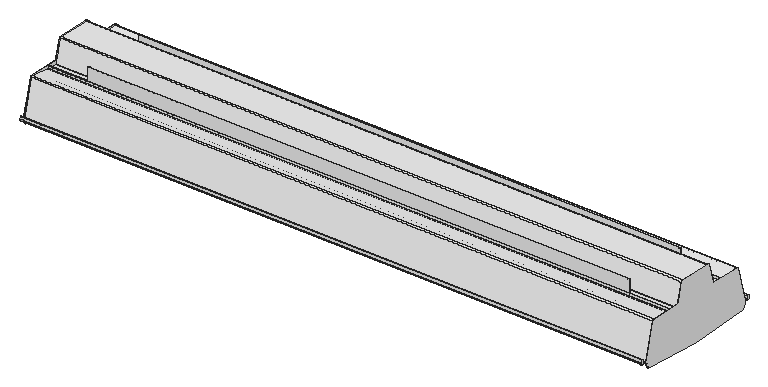
Revit family "LHBD-L05P77", category Lighting Fixtures, host Ceiling, Revit 2019
Family settings
  Host = Ceiling
  Round Connector Dimension = Use Diameter
  Part Type = Normal
  OmniClass Number = 23.80.70.11.14.11
  OmniClass Title = Downlights
  Always vertical = Yes
  Cut with Voids When Loaded = No
  Light Source = Yes
  Shared = No
  Room Calculation Point = No
Parameters (values of type "LHBD48-LED840K080LUNV-L05P77")
  Width = 0' - 9 13/16"
  Wattage = 52 W
  built-in parameter 1150110 = 1 (stored number, unit not read)
  Voltage = 120 V  # constant formula
  URL = "https://www.viscor.com/en/products/lhbd"
  built-in parameter 1114217 = 0.9 (stored number, unit not read)
  Tilt Angle = 90.00°
  built-in parameter 1150109 = 1 (stored number, unit not read)
  built-in parameter 1150134 = 12
  built-in parameter 1150113 = 1 (stored number, unit not read)
  Photometric Web File = "LHBD48-LED840K080LUNV-L05P77-G001987.IES"
  Model = "LHBD"  # constant formula
  Manufacturer = "VISIONEERING by VISCOR"  # constant formula
  Lumens = 6344 lm
  built-in parameter 1150115 = 1 (stored number, unit not read)
  built-in parameter 1150105 = 504.84 (stored number, unit not read)
  Louver Finish = Metal - Viscor - White Gloss F06
  built-in parameter 1150137 = (empty or 0)
  built-in parameter 1150139 = (empty or 0)
  Lens Finish = Acrylic - Viscor - Frosted, Impact Round Extruded
  Length = 3' - 10 1/16"
  Lamp Wattage = 52 VA
  built-in parameter 1150112 = 1 (stored number, unit not read)
  built-in parameter 1150114 = 1 (stored number, unit not read)
  Lamp = "LED"  # constant formula
  built-in parameter 1150132 = (empty or 0)
  built-in parameter 1150102 = (empty or 0)
  built-in parameter 1150138 = (empty or 0)
  built-in parameter 1150107 = 4000 (stored number, unit not read)
  built-in parameter 1150106 = 5.0484 (stored number, unit not read)
  Housing Finish = Metal - Viscor - White
  Height = 0' - 4 11/16"
  Emit from Rectangle Width = Width  # 0' - 9 13/16"
  Emit from Rectangle Length = Length  # 3' - 10 1/16"
  Emit Shape Visible in Rendering = no
  built-in parameter 1150104 = 11.334 (stored number, unit not read)
  Dimming Lamp Color Temperature Shift = <None>
  Description = "LED Pendant Mount High Bay D"  # constant formula
  Color Filter = 16777215
  built-in parameter 1114218 = 1 (stored number, unit not read)
  built-in parameter 1150133 = 10 (stored number, unit not read)
  Assembly Code = "D5020200"
  Apparent Load = Lamp Wattage  # 52 VA
Types (5): name | Wattage | Photometric Web File | Lumens | built-in parameter 1150105 | Length | Lamp Wattage | built-in parameter 1150106 | Emit from Rectangle Length | built-in parameter 1150104 | Apparent Load
  (no name) | 52 W | "LHBD48-LED840K080LUNV-L05P77-G001987.IES" | 6344 lm | 504.84 (stored number, unit not read) | 3' - 10 1/16" | 52 VA | 5.0484 (stored number, unit not read) | 3' - 10 1/16" | 11.334 (stored number, unit not read) | 52 VA
  LHBD48-LED840K080LUNV-L05P77 | 52 W | "LHBD48-LED840K080LUNV-L05P77-G001987.IES" | 6344 lm | 504.84 (stored number, unit not read) | 3' - 10 1/16" | 52 VA | 5.0484 (stored number, unit not read) | 3' - 10 1/16" | 11.334 (stored number, unit not read) | 52 VA
  LHBD48-LED840K120LUNV-L05P77 | 87 W | "LHBD48-LED840K120LUNV-L05P77-G001985.IES" | 9744 lm | 775.4 (stored number, unit not read) | 3' - 10 1/16" | 87 VA | 7.754 (stored number, unit not read) | 3' - 10 1/16" | 10.405 (stored number, unit not read) | 87 VA
  LHBD96-LED840K160LUNV-L05P77 | 104 W | "LHBD96-LED840K160LUNV-L05P77.ies" | 12792 lm | 1018 (stored number, unit not read) | 7' - 8 1/16" | 104 VA | 10.18 (stored number, unit not read) | 7' - 8 1/16" | 11.427 (stored number, unit not read) | 104 VA
  LHBD96-LED840K240LUNV-L05P77 | 173 W | "LHBD96-LED840K240LUNV-L05P77.ies" | 19376 lm | 1541.9 (stored number, unit not read) | 7' - 8 1/16" | 173 VA | 15.419 (stored number, unit not read) | 7' - 8 1/16" | 10.405 (stored number, unit not read) | 173 VA
Reference planes (in)
  plane 1 "Light Source Axis (F/B)": y = 0
  plane 2 "Ceiling": z = 240
  plane 3 "Light Source Axis (L/R)": x = 0
  plane 4 "Light Source Elevation": z = 235.375
  plane 5: x = -23.03125
  plane 6: x = 23.03125
  plane 7: y = 4.90625
  plane 8: y = -4.90625
  plane 9: x = -23.00125
  plane 10: x = 23.00125
  plane 11: x = -20.03125
  plane 12: x = 20.03125
  plane 13: x = -22.48325
  plane 14: x = 22.48325
Forms (in)
  Extrusion 1, solid, material "Metal - Viscor - White" <- "Housing Finish"
    sketch origin (0, 0, 0) x (0, 1, 0) y (0, 0, 1)
      loop
        arc (-4.906, 236.068) -> (-4.88491, 236.01709) -> (-4.834, 235.996) r 0.072
        line (-4.834, 235.996) -> (-4.58671, 235.996)
        arc (-4.58671, 235.996) -> (-4.54265, 236.01106) -> (-4.51702, 236.04993) r 0.072
        line (-4.51702, 236.04993) -> (-3.88336, 238.49342)
        arc (-3.88336, 238.49342) -> (-3.86796, 238.51559) -> (-3.84185, 238.52244) r 0.039
        line (-3.84185, 238.52244) -> (-1.70161, 238.31493)
        arc (-1.70161, 238.31493) -> (-1.6534, 238.32759) -> (-1.62496, 238.36852) r 0.072
        line (-1.62496, 238.36852) -> (-1.22657, 239.90479)
        arc (-1.22657, 239.90479) -> (-1.21269, 239.92584) -> (-1.18882, 239.934) r 0.039
        line (-1.18882, 239.934) -> (1.18882, 239.934)
        arc (1.18882, 239.934) -> (1.21269, 239.92584) -> (1.22657, 239.90479) r 0.039
        line (1.22657, 239.90479) -> (1.62496, 238.36852)
        arc (1.62496, 238.36852) -> (1.6534, 238.32759) -> (1.70161, 238.31493) r 0.072
        line (1.70161, 238.31493) -> (3.84185, 238.52244)
        arc (3.84185, 238.52244) -> (3.86796, 238.51559) -> (3.88336, 238.49342) r 0.039
        line (3.88336, 238.49342) -> (4.51702, 236.04993)
        arc (4.51702, 236.04993) -> (4.54265, 236.01106) -> (4.58671, 235.996) r 0.072
        line (4.58671, 235.996) -> (4.834, 235.996)
        arc (4.834, 235.996) -> (4.88491, 236.01709) -> (4.906, 236.068) r 0.072
        line (4.906, 236.068) -> (4.906, 236.298) -> (4.87475, 236.298) -> (4.87475, 236.068)
        arc (4.87475, 236.068) -> (4.86281, 236.03919) -> (4.834, 236.02725) r 0.04075
        line (4.834, 236.02725) -> (4.58671, 236.02725)
        arc (4.58671, 236.02725) -> (4.56177, 236.03577) -> (4.54727, 236.05777) r 0.04075
        line (4.54727, 236.05777) -> (3.91361, 238.50126)
        arc (3.91361, 238.50126) -> (3.88587, 238.5412) -> (3.83883, 238.55355) r 0.07025
        line (3.83883, 238.55355) -> (1.69859, 238.34604)
        arc (1.69859, 238.34604) -> (1.67131, 238.3532) -> (1.65521, 238.37637) r 0.04075
        line (1.65521, 238.37637) -> (1.25682, 239.91263)
        arc (1.25682, 239.91263) -> (1.23181, 239.95056) -> (1.18882, 239.96525) r 0.07025
        line (1.18882, 239.96525) -> (-1.18882, 239.96525)
        arc (-1.18882, 239.96525) -> (-1.23181, 239.95056) -> (-1.25682, 239.91263) r 0.07025
        line (-1.25682, 239.91263) -> (-1.65521, 238.37637)
        arc (-1.65521, 238.37637) -> (-1.67131, 238.3532) -> (-1.69859, 238.34604) r 0.04075
        line (-1.69859, 238.34604) -> (-3.83883, 238.55355)
        arc (-3.83883, 238.55355) -> (-3.88587, 238.5412) -> (-3.91361, 238.50126) r 0.07025
        line (-3.91361, 238.50126) -> (-4.54727, 236.05777)
        arc (-4.54727, 236.05777) -> (-4.56177, 236.03577) -> (-4.58671, 236.02725) r 0.04075
        line (-4.58671, 236.02725) -> (-4.834, 236.02725)
        arc (-4.834, 236.02725) -> (-4.86281, 236.03919) -> (-4.87475, 236.068) r 0.04075
        line (-4.87475, 236.068) -> (-4.87475, 236.298) -> (-4.906, 236.298) -> (-4.906, 236.068)
    from -23.00125 to 23.00125
  Extrusion 2, solid, material "Metal - Viscor - White" <- "Housing Finish"
    sketch origin (0, 0, 0) x (0, 1, 0) y (0, 0, 1)
      loop
        line (4.52143, 236.17574) -> (3.9025, 238.569) -> (1.608, 238.569) -> (1.57671, 238.69002) -> (1.2465, 239.967) -> (-1.2465, 239.967) -> (-1.57671, 238.69002) -> (-1.608, 238.569) -> (-3.9025, 238.569) -> (-3.93276, 238.45198) -> (-4.52143, 236.17574) -> (-4.5685, 235.99372)
        arc (-4.5685, 235.99372) -> (-4.51625, 235.77119) -> (-4.37042, 235.59517) r 0.5
        arc (-4.37042, 235.59517) -> (0, 235.342) -> (4.37042, 235.59517) r 37.8495
        arc (4.37042, 235.59517) -> (4.51625, 235.77119) -> (4.5685, 235.99372) r 0.5
        line (4.5685, 235.99372) -> (4.52143, 236.17574)
    from -23.03125 to -23.00125
  Extrusion 3, solid, material "Metal - Viscor - White" <- "Housing Finish"
    sketch origin (0, 0, 0) x (0, 1, 0) y (0, 0, -1)
      loop
        line (4.52143, -236.17574) -> (4.5685, -235.99372)
        arc (4.5685, -235.99372) -> (4.51625, -235.77119) -> (4.37042, -235.59517) r 0.5
        arc (4.37042, -235.59517) -> (0, -235.342) -> (-4.37042, -235.59517) r 37.8495
        arc (-4.37042, -235.59517) -> (-4.51625, -235.77119) -> (-4.5685, -235.99372) r 0.5
        line (-4.5685, -235.99372) -> (-4.52143, -236.17574) -> (-3.93276, -238.45198) -> (-3.9025, -238.569) -> (-1.608, -238.569) -> (-1.57671, -238.69002) -> (-1.2465, -239.967) -> (1.2465, -239.967) -> (1.57671, -238.69002) -> (1.608, -238.569) -> (3.9025, -238.569) -> (4.52143, -236.17574)
    from -23.03125 to -23.00125
  Extrusion 4, solid, material "Metal - Viscor - White" <- "Housing Finish"
    sketch origin (0, 0, 0) x (0, 1, 0) y (0, 0, 1)
      loop
        line (2.375, 238.36518) -> (2.375, 238.569) -> (2.34375, 238.569) -> (2.34375, 238.36518)
        arc (2.34375, 238.36518) -> (2.33394, 238.3398) -> (2.30962, 238.3276) r 0.03775
        line (2.30962, 238.3276) -> (0.6235, 238.16525) -> (-0.6235, 238.16525) -> (-2.30962, 238.3276)
        arc (-2.30962, 238.3276) -> (-2.33394, 238.3398) -> (-2.34375, 238.36518) r 0.03775
        line (-2.34375, 238.36518) -> (-2.34375, 238.569) -> (-2.375, 238.569) -> (-2.375, 238.36518)
        arc (-2.375, 238.36518) -> (-2.35708, 238.31879) -> (-2.31261, 238.2965) r 0.069
        line (-2.31261, 238.2965) -> (-0.625, 238.134) -> (0.625, 238.134) -> (2.31261, 238.2965)
        arc (2.31261, 238.2965) -> (2.35708, 238.31879) -> (2.375, 238.36518) r 0.069
    from -23.00125 to 23.00125
  Extrusion 5, solid, material "Metal - Viscor - White" <- "Housing Finish"
    sketch origin (0, 0, 0) x (0, 1, 0) y (0, 0, 1)
      loop
        line (-2.375, 238.569) -> (-2.34375, 238.569) -> (-2.34375, 239.53451) -> (-2.375, 239.53451) -> (-2.375, 238.569)
    from -20.03125 to 20.03125
  Extrusion 6, solid, material "Metal - Viscor - White" <- "Housing Finish"
    sketch origin (0, 0, 0) x (0, -1, 0) y (0, 0, -1)
      loop
        line (-2.375, -238.569) -> (-2.375, -239.53451) -> (-2.34375, -239.53451) -> (-2.34375, -238.569) -> (-2.375, -238.569)
    from -20.03125 to 20.03125
  Extrusion 7, solid, material "Acrylic - Viscor - Frosted, Impact Round Extruded" <- "Lens Finish"
    sketch origin (0, 0, 0) x (0, 1, 0) y (0, 0, 1)
      loop
        line (2.5625, 238.316) -> (2.719, 238.316) -> (2.719, 238.396) -> (2.5625, 238.396)
        arc (2.5625, 238.396) -> (2.50593, 238.37257) -> (2.4825, 238.316) r 0.08
        line (2.4825, 238.316) -> (2.4825, 238.166)
        arc (2.4825, 238.166) -> (2.50593, 238.10943) -> (2.5625, 238.086) r 0.08
        line (2.5625, 238.086) -> (2.60093, 238.086)
        arc (2.60093, 238.086) -> (0, 236.776) -> (-2.60093, 238.086) r 3.237
        line (-2.60093, 238.086) -> (-2.5625, 238.086)
        arc (-2.5625, 238.086) -> (-2.50593, 238.10943) -> (-2.4825, 238.166) r 0.08
        line (-2.4825, 238.166) -> (-2.4825, 238.316)
        arc (-2.4825, 238.316) -> (-2.50593, 238.37257) -> (-2.5625, 238.396) r 0.08
        line (-2.5625, 238.396) -> (-2.719, 238.396) -> (-2.719, 238.316) -> (-2.5625, 238.316) -> (-2.5625, 238.166) -> (-2.67911, 238.166)
        arc (-2.67911, 238.166) -> (-2.71461, 238.14442) -> (-2.71181, 238.10297) r 0.04
        arc (-2.71181, 238.10297) -> (0, 236.69605) -> (2.71181, 238.10297) r 3.31695
        arc (2.71181, 238.10297) -> (2.71461, 238.14442) -> (2.67911, 238.166) r 0.04
        line (2.67911, 238.166) -> (2.5625, 238.166) -> (2.5625, 238.316)
    from -22.48325 to 22.48325
Dimensions and locks (in)
  equal spacing: host sketch curve, plane 3 "Light Source Axis (L/R)", host sketch curve
  equal spacing: host sketch curve, plane 1 "Light Source Axis (F/B)", host sketch curve
  host sketch curve to host sketch curve = 10' - 0"  (x2)
  equal spacing: plane 5, plane 3 "Light Source Axis (L/R)", plane 6
  "Length": plane 5 to plane 6
  equal spacing: plane 7, plane 1 "Light Source Axis (F/B)", plane 8
  "Width": plane 7 to plane 8
  locked: plane 5 to plane 9 at 0.03
  locked: plane 10 to plane 6 at 0.03
  locked: plane 5 to plane 11 at 3
  locked: plane 12 to plane 6 at 3
  locked: plane 5 to plane 13 at 0.548
  locked: plane 14 to plane 6 at 0.548
  aligned and locked: plane 3 "Light Source Axis (L/R)" to imposter light
  aligned and locked: imposter light to plane 1 "Light Source Axis (F/B)"
  aligned and locked: plane 4 "Light Source Elevation" to imposter light
  aligned and locked: Extrusion 1 to plane 9
  aligned and locked: plane 10 to Extrusion 1
  aligned and locked: Extrusion 2 to plane 5
  aligned and locked: plane 9 to Extrusion 2
  aligned and locked: plane 6 to Extrusion 3
  aligned and locked: Extrusion 3 to plane 10
  aligned and locked: Extrusion 4 to plane 9
  aligned and locked: plane 10 to Extrusion 4
  aligned and locked: Extrusion 5 to plane 11
  aligned and locked: plane 12 to Extrusion 5
  aligned and locked: Extrusion 6 to plane 11
  aligned and locked: plane 12 to Extrusion 6
  aligned and locked: Extrusion 7 to plane 13
  aligned and locked: plane 14 to Extrusion 7
Automatic sketch dimensions
  Extrusion 1 sketch curve to Extrusion 1 sketch curve = 0' - 0"  (x20)
  plane 8 to Extrusion 1 sketch curve = 0' - 0.00025"
  Extrusion 1 sketch curve to Extrusion 1 sketch curve = 0' - 0 1/32"
  Extrusion 1 sketch curve to Extrusion 1 sketch curve = 0' - 0.04075"  (x3)
  Extrusion 1 sketch curve to Extrusion 1 sketch curve = 0' - 0.24729"
  Extrusion 1 sketch curve to Extrusion 1 sketch curve = 0' - 0.03945"  (x4)
  Extrusion 1 sketch curve to Extrusion 1 sketch curve = 0' - 0.03025"  (x7)
  plane 8 to Extrusion 1 sketch curve = 0' - 0.99264"
  Extrusion 1 sketch curve to Extrusion 1 sketch curve = 0' - 0.03775"  (x4)
  Extrusion 1 sketch curve to Extrusion 1 sketch curve = 0' - 0.00376"  (x2)
  Extrusion 1 sketch curve to Extrusion 1 sketch curve = 0' - 0.00302"  (x4)
  plane 1 "Light Source Axis (F/B)" to Extrusion 1 sketch curve = 0' - 1.70161"
  Extrusion 1 sketch curve to Extrusion 1 sketch curve = 0' - 0.00393"  (x2)
  Extrusion 1 sketch curve to plane 2 "Ceiling" = 0' - 0.08737"  (x2)
  plane 1 "Light Source Axis (F/B)" to Extrusion 1 sketch curve = 0' - 1.25682"
  Extrusion 1 sketch curve to plane 2 "Ceiling" = 0' - 0.09521"  (x2)
  Extrusion 1 sketch curve to plane 2 "Ceiling" = 0' - 0.066"
  Extrusion 1 sketch curve to plane 1 "Light Source Axis (F/B)" = 0' - 1.18882"
  Extrusion 1 sketch curve to Extrusion 1 sketch curve = 0' - 0.39839"
  Extrusion 1 sketch curve to plane 7 = 0' - 1.06742"
  Extrusion 1 sketch curve to plane 7 = 0' - 0.38923"
  Extrusion 1 sketch curve to plane 7 = 0' - 0.07225"
  Extrusion 1 sketch curve to plane 7 = 0' - 0.0315"
  Extrusion 1 sketch curve to plane 7 = 0' - 0.00025"
  Extrusion 1 sketch curve to plane 2 "Ceiling" = 0' - 1.44645"  (x2)
  Extrusion 1 sketch curve to Extrusion 1 sketch curve = 0' - 0.0311"  (x2)
  Extrusion 1 sketch curve to Extrusion 1 sketch curve = 0' - 0.02118"  (x2)
  Extrusion 1 sketch curve to Extrusion 1 sketch curve = 0' - 1.52604"  (x2)
  Extrusion 1 sketch curve to Extrusion 1 sketch curve = 0' - 0.01023"  (x2)
  Extrusion 1 sketch curve to Extrusion 1 sketch curve = 0' - 0.00784"  (x2)
  Extrusion 1 sketch curve to plane 4 "Light Source Elevation" = 0' - 0.923"  (x2)
  Extrusion 1 sketch curve to Extrusion 1 sketch curve = 0' - 0.23"  (x2)
  Extrusion 2 sketch curve to plane 1 "Light Source Axis (F/B)" = 0' - 0"
  Extrusion 2 sketch curve to plane 2 "Ceiling" = 0' - 0.033"
  plane 1 "Light Source Axis (F/B)" to Extrusion 2 sketch curve = 0' - 1.2465"
  Extrusion 2 sketch curve to Extrusion 2 sketch curve = 0' - 0.33021"  (x2)
  Extrusion 2 sketch curve to Extrusion 2 sketch curve = 0' - 0.03129"  (x2)
  plane 8 to Extrusion 2 sketch curve = 0' - 1.00375"
  Extrusion 2 sketch curve to Extrusion 2 sketch curve = 0' - 0.03026"
  plane 8 to Extrusion 2 sketch curve = 0' - 0.83775"
  plane 8 to Extrusion 2 sketch curve = 0' - 0.38482"
  Extrusion 2 sketch curve to Extrusion 2 sketch curve = 0' - 0.04707"  (x2)
  Extrusion 2 sketch curve to plane 1 "Light Source Axis (F/B)" = 0' - 1.2465"
  Extrusion 2 sketch curve to plane 7 = 0' - 1.00375"
  Extrusion 2 sketch curve to plane 7 = 0' - 0.83775"
  Extrusion 2 sketch curve to plane 7 = 0' - 0.38482"
  Extrusion 2 sketch curve to plane 2 "Ceiling" = 0' - 1.30998"  (x2)
  Extrusion 2 sketch curve to Extrusion 2 sketch curve = 0' - 0.12102"  (x2)
  Extrusion 2 sketch curve to Extrusion 2 sketch curve = 0' - 0.11702"
  Extrusion 2 sketch curve to plane 4 "Light Source Elevation" = 0' - 0.80074"  (x2)
  Extrusion 2 sketch curve to Extrusion 2 sketch curve = 0' - 0.18201"  (x2)
  plane 2 "Ceiling" to Extrusion 2 sketch curve = 2' - 9.1915"
  Extrusion 2 sketch curve to plane 4 "Light Source Elevation" = 0' - 0.22017"
  Extrusion 3 sketch curve to plane 1 "Light Source Axis (F/B)" = 0' - 0"
  Extrusion 3 sketch curve to plane 2 "Ceiling" = 0' - 0.033"
  plane 1 "Light Source Axis (F/B)" to Extrusion 3 sketch curve = 0' - 1.2465"
  Extrusion 3 sketch curve to Extrusion 3 sketch curve = 0' - 0.33021"  (x2)
  Extrusion 3 sketch curve to Extrusion 3 sketch curve = 0' - 0.03129"  (x2)
  plane 8 to Extrusion 3 sketch curve = 0' - 1.00375"
  Extrusion 3 sketch curve to Extrusion 3 sketch curve = 0' - 0.03026"
  plane 8 to Extrusion 3 sketch curve = 0' - 0.83775"
  plane 8 to Extrusion 3 sketch curve = 0' - 0.38482"
  Extrusion 3 sketch curve to Extrusion 3 sketch curve = 0' - 0.04707"  (x2)
  Extrusion 3 sketch curve to plane 1 "Light Source Axis (F/B)" = 0' - 1.2465"
  Extrusion 3 sketch curve to plane 7 = 0' - 1.00375"
  Extrusion 3 sketch curve to plane 7 = 0' - 0.83775"
  Extrusion 3 sketch curve to plane 7 = 0' - 0.38482"
  plane 2 "Ceiling" to Extrusion 3 sketch curve = 2' - 9.1915"
  Extrusion 3 sketch curve to plane 2 "Ceiling" = 0' - 1.30998"  (x2)
  Extrusion 3 sketch curve to plane 2 "Ceiling" = 0' - 1.431"
  Extrusion 3 sketch curve to Extrusion 3 sketch curve = 0' - 0.12102"
  Extrusion 3 sketch curve to Extrusion 3 sketch curve = 0' - 0.11702"
  Extrusion 3 sketch curve to plane 4 "Light Source Elevation" = 0' - 0.80074"  (x2)
  Extrusion 3 sketch curve to Extrusion 3 sketch curve = 0' - 0.18201"  (x2)
  Extrusion 3 sketch curve to plane 4 "Light Source Elevation" = 0' - 0.22017"
  Extrusion 4 sketch curve to Extrusion 4 sketch curve = 0' - 0"  (x4)
  plane 1 "Light Source Axis (F/B)" to Extrusion 4 sketch curve = 0' - 2 3/8"
  Extrusion 4 sketch curve to Extrusion 4 sketch curve = 0' - 0 1/32"  (x3)
  Extrusion 4 sketch curve to Extrusion 4 sketch curve = 0' - 0.03114"
  Extrusion 4 sketch curve to Extrusion 4 sketch curve = 0' - 0.003"  (x2)
  Extrusion 4 sketch curve to Extrusion 4 sketch curve = 0' - 0.00362"  (x2)
  plane 1 "Light Source Axis (F/B)" to Extrusion 4 sketch curve = 0' - 0 5/8"
  Extrusion 4 sketch curve to Extrusion 4 sketch curve = 0' - 0.0015"  (x2)
  Extrusion 4 sketch curve to plane 1 "Light Source Axis (F/B)" = 0' - 0.6235"
  Extrusion 4 sketch curve to Extrusion 4 sketch curve = 0' - 1.6825"
  Extrusion 4 sketch curve to plane 2 "Ceiling" = 0' - 1.7035"
  Extrusion 4 sketch curve to Extrusion 4 sketch curve = 0' - 0.03775"
  Extrusion 4 sketch curve to Extrusion 4 sketch curve = 0' - 0.16235"
  Extrusion 4 sketch curve to Extrusion 4 sketch curve = 0' - 0.13125"
  Extrusion 4 sketch curve to Extrusion 4 sketch curve = 0' - 0.20382"  (x2)
  Extrusion 5 sketch curve to plane 2 "Ceiling" = 0' - 0.46549"
  plane 1 "Light Source Axis (F/B)" to Extrusion 5 sketch curve = 0' - 2 3/8"
  Extrusion 5 sketch curve to Extrusion 5 sketch curve = 0' - 0 1/32"
  Extrusion 5 sketch curve to Extrusion 5 sketch curve = 0' - 0.96551"
  plane 2 "Ceiling" to Extrusion 6 sketch curve = 0' - 0.46549"
  plane 1 "Light Source Axis (F/B)" to Extrusion 6 sketch curve = 0' - 2 3/8"
  Extrusion 6 sketch curve to Extrusion 6 sketch curve = 0' - 0 1/32"
  Extrusion 6 sketch curve to Extrusion 6 sketch curve = 0' - 0.96551"
  Extrusion 7 sketch curve to plane 2 "Ceiling" = 0' - 1.684"
  Extrusion 7 sketch curve to Extrusion 7 sketch curve = 0' - 0.1565"
  Extrusion 7 sketch curve to Extrusion 7 sketch curve = 0' - 0.15"  (x2)
  Extrusion 7 sketch curve to Extrusion 7 sketch curve = 0' - 0.11661"
  Extrusion 7 sketch curve to Extrusion 7 sketch curve = 0' - 0.04"
  Extrusion 7 sketch curve to Extrusion 7 sketch curve = 0' - 0.0327"  (x2)
  Extrusion 7 sketch curve to plane 1 "Light Source Axis (F/B)" = 0' - 0"
  plane 8 to Extrusion 7 sketch curve = 0' - 2.19444"
  Extrusion 7 sketch curve to Extrusion 7 sketch curve = 0' - 0"  (x12)
  Extrusion 7 sketch curve to Extrusion 7 sketch curve = 0' - 0.08"  (x2)
  Extrusion 7 sketch curve to Extrusion 7 sketch curve = 0' - 0.03843"  (x2)
  Extrusion 7 sketch curve to Extrusion 7 sketch curve = 0' - 0.11088"
  Extrusion 7 sketch curve to Extrusion 7 sketch curve = 0' - 0.03989"
Connectors (in)
  electrical at (0, 0, 235.375), driven by "Voltage", driven by "Lamp Wattage"
    settings: index 2, voltage 120 V, apparent load 0 VA, apparent load phase1 52 VA, apparent load phase2 0 VA, apparent load phase3 0 VA, power factor 1, load classification "Other", number of poles 1, system type 31, power factor state 1, is connector primary yes, connector utility no, sub classification motor no, connector description ""
